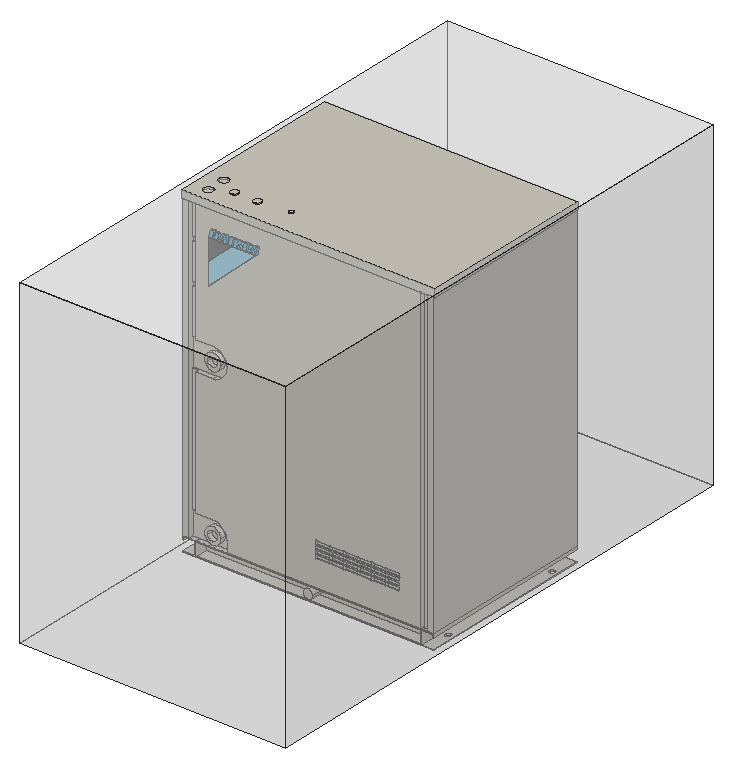
Revit family "outputfile", category 機械設備, Revit 2024
Family settings
  丸型コネクタ寸法 = 半径を使用
  種別 = なし
  パーツ タイプ = 標準
  OmniClass 番号 = 23.75.10.24.21.27.27
  OmniClass タイトル = Split System Air Conditioning Units
  作業面ベース = いいえ
  常に垂直 = はい
  ロード時にボイドで切り取り = いいえ
  注釈の向きを維持 = いいえ
  共有 = いいえ
  部屋計算ポイント = いいえ
Parameters (values of type "RWEYQ12TYM")
  製造元 = "Daikin"
  書き出し IFC クラス(タイプ) = "IfcUnitaryEquipmentType"
  定義済み IFC タイプ(タイプ) = "AIRCONDITIONINGUNIT"
  モデル = "RWEYQ12TYM"
  switch_unit1_6-8 = no
  switch_unit1_12 = yes
  switch_unit1_10 = no
  r_Water Outlet Pipe Connection = Water Outlet Pipe Connection_Unit1 / 2  # 15.9 mm
  r_Water Inlet Pipe Connection = Water Inlet Pipe Connection_Unit1 / 2  # 15.9 mm
  r_HP/LP Gas Pipe Size [instance] = [HP/LP Gas Pipe Size_Unit 1] / 2  # 11.1 mm
  r_Drain Pipe Size = Drain Pipe Size / 2  # 6.35 mm
  lw_Water Outlet = 95.0 mm
  lw_Water Inlet = 95.0 mm
  lw_HP/LP Gas Pipe [instance] = if(Heat Pump, 178.0 mm, 107.0 mm)  # 178.0 mm
  lw_Drain = 390.0 mm
  ld_HP/LP Gas Pipe = 69.0 mm
  h_mountinghole = [h_***] + 2.3 mm  # 2.3 mm
  r_Liquid Pipe Size = Liquid Pipe Size_Unit 1 / 2  # 6.35 mm
  r_Gas Pipe Size = Gas Pipe Size_Unit 1 / 2  # 11.1 mm
  angle_Drain [instance] = if(Rear Connection_Drain, 180.00°, 0.00°)  # 0.00°
  Water Outlet Pipe Connection_Unit1 = 31.8 mm
  Water Inlet Pipe Connection_Unit1 = 31.8 mm
  Voltage_comment_60Hz = "380"
  Voltage_comment_50Hz = "380-415"
  Voltage_60Hz = 380 V
  Voltage_50Hz = 400 V
  Top Connection_powersupply2 [instance] = not(Top Connection_powersupply1)  # no
  Sound Power Level (dB) = 72
  Rear Connection_Drain [instance] = not(Front Connection_Drain)  # no
  Power Input (Heating) = 7.870 kW
  Phase_60Hz = 3
  Phase_50Hz = 3
  Nominal Heating Capacity = 37.500 kW
  Minimum Circuit Amps_60Hz = 13.6 A
  Minimum Circuit Amps_50Hz = 13.6 A
  Maximum Fuse Amps_60Hz = 15.0 A
  Maximum Fuse Amps_50Hz = 15.0 A
  Material_Heat Exchanger = DAIKIN_Blue_HE_outdoorunit
  Material_Casing = DAIKIN_IvoryWhite_Casing_outdoorunit
  lw_powersupply = 51.0 mm
  lw_liquidpipe = 274.0 mm
  lw_gaspipe [instance] = if(Heat Pump, 107.0 mm, 178.0 mm)  # 107.0 mm
  lh_powersupply = 940.0 mm
  ld_powersupply [instance] = if(Top Connection_powersupply1, 38.0 mm, 98.0 mm)  # 38.0 mm
  ld_liquidpipe = 79.0 mm
  ld_gaspipe = 69.0 mm
  h_*** = 0.0 mm
  Width = 780.0 mm
  Version = "ver.1.0"
  Unit Type = ""
  Unit Mass Weight = 147.00 kg
  Unit Designation [instance] = ""
  Uniclass2015Version = "Products v1.30"
  Uniclass2015Title = "Variable refrigerant flow units"
  Uniclass2015Code = "Pr_70_65_03_94"
  Total Cooling Capacity [instance] = 0.000 kW
  Sound Pressure Level (dBA) = 53
  Series = "VRV Heat Recovery"
  Refrigerant_Base Charge = 4.200 kg
  Refrigerant_Additional Charge [instance] = 0.000 kg
  Refrigerant Type = "R410A"
  Power Input (Cooling) = 7.330 kW
  Option Accessory 3 [instance] = ""
  Option Accessory 2 [instance] = ""
  Option Accessory 1 [instance] = ""
  Nominal Cooling Capacity = 33.500 kW
  Load Classification = HVAC
  Liquid Pipe Size_Unit 1 = 12.7 mm
  Link_Nested Family [instance] = ""
  IfcVersion = ""
  IfcExportType = "AIRCONDITIONINGUNIT"
  IfcExportAs = "IfcUnitaryEquipmentType"
  Height = 1000.0 mm
  Heat Recovery [instance] = not(Heat Pump)  # no
  Heat Pump [instance] = yes
  Heat Exchanger Type = "Stainless Steel Plate"
  HP/LP Gas Pipe Size_Unit 1 [instance] = if(and(Heat Pump, [switch_unit1_6-8]), 19.1 mm, if(and(Heat Pump, switch_unit1_10), 22.2 mm, if(and(Heat Pump, switch_unit1_12), 22.2 mm, if(and(Heat Recovery, [switch_unit1_6-8]), 15.9 mm, if(and(Heat Recovery, switch_unit1_10), 19.1 mm, if(and(Heat Recovery, switch_unit1_12), 19.1 mm, 19.1 mm))))))  # 22.2 mm
  Gas Pipe Size_Unit 1 = 22.2 mm
  Top Connection_powersupply1 [instance] = yes
  Front Connection_Drain [instance] = yes
  Frequency_60Hz = 60 Hz
  Frequency_50Hz = 50 Hz
  Drain Pipe Size = 12.7 mm
  Depth = 550.0 mm
  既定の高さ = 0.0 mm
  Cooling Ambient Wet Bulb Temperature [instance] = 0.00 °C
  Cooling Ambient Dry Bulb Temperature [instance] = 0.00 °C
  Compressor Type = "Hermetically Sealed Scroll Type"
  Clearance visibility [instance] = yes
  Clearance Top = 0.0 mm
  Clearance Right = 20.0 mm
  Clearance Rear = 500.0 mm
  Clearance Left = 20.0 mm
  Clearance Front = 600.0 mm
  Clearance Bottom = 0.0 mm
  CU Tag No. [instance] = ""
Reference planes
  plane 1 "Center (Front/Back)": y = 0
  plane 2 "h_***": z = 0
  plane 3 "Center (Left/Right)": x = 0
  plane 4 "Back": y = 275
  plane 5 "Front": y = -275
  plane 6 "Left": x = -390
  plane 7 "Right": x = 390
  plane 8 "Top": z = 1000
  plane 9 "Clearance Rear": y = 775
  plane 10 "Clearance Front": y = -875
  plane 11 "Clearance Left": x = -410
  plane 12 "Clearance Right": x = 410
  plane 13 "Clearance Top": z = 1000
  plane 14 "Clearance Bottom": z = 0
  plane 15 "Bottom": z = 0
  plane 16 "lw_powersupply": x = -339
  plane 17 "ld_powersupply": y = -237
  plane 18 "lw_liquidpipe": x = -116
  plane 19 "Rear Connection_refrigetant": y = -196
  plane 20 "lw_gaspipe": x = -283
  plane 21 "ld_gaspipe": y = -206
  plane 22 "lh_logo": z = 900
  plane 23 "lw_logo": x = 100
  plane 24 "lh_powersupply": z = 940
  plane 25 "lw_HP/LP Gas Pipe": x = -212
  plane 26 "ld_HP/LP Gas Pipe": y = -206
  plane 27 "lw_Water Inlet": x = -295
  plane 28 "lw_Water Outlet": x = -295
  plane 29 "lw_Drain": x = 0
Dimensions and locks
  equal spacing: plane 4 "Back", plane 1 "Center (Front/Back)", plane 5 "Front"
  "Depth": plane 4 "Back" to plane 5 "Front"
  equal spacing: plane 6 "Left", plane 3 "Center (Left/Right)", plane 7 "Right"
  "Width": plane 6 "Left" to plane 7 "Right"
  "Clearance Rear": plane 9 "Clearance Rear" to plane 4 "Back"
  "Clearance Front": plane 10 "Clearance Front" to plane 5 "Front"
  "Clearance Left": plane 11 "Clearance Left" to plane 6 "Left"
  "Clearance Right": plane 7 "Right" to plane 12 "Clearance Right"
  "Clearance Top": plane 13 "Clearance Top" to plane 8 "Top"
  "h_***": plane 15 "Bottom" to plane 2 "h_***"
  "Height": plane 8 "Top" to plane 15 "Bottom"
  "Clearance Bottom": plane 15 "Bottom" to plane 14 "Clearance Bottom"
  "ld_powersupply": plane 17 "ld_powersupply" to plane 5 "Front"
  "ld_liquidpipe": plane 19 "Rear Connection_refrigetant" to plane 5 "Front"
  "ld_gaspipe": plane 21 "ld_gaspipe" to plane 5 "Front"
  locked: plane 23 "lw_logo" to plane 7 "Right" at 290
  locked: plane 22 "lh_logo" to plane 15 "Bottom" at 900
  "lw_gaspipe": plane 6 "Left" to plane 20 "lw_gaspipe"
  "lw_liquidpipe": plane 6 "Left" to plane 18 "lw_liquidpipe"
  "lw_powersupply": plane 6 "Left" to plane 16 "lw_powersupply"
  "lh_powersupply": plane 24 "lh_powersupply" to plane 15 "Bottom"
  "lw_HP/LP Gas Pipe": plane 6 "Left" to plane 25 "lw_HP/LP Gas Pipe"
  "ld_HP/LP Gas Pipe": plane 26 "ld_HP/LP Gas Pipe" to plane 5 "Front"
  "lw_Water Inlet": plane 6 "Left" to plane 27 "lw_Water Inlet"
  "lw_Water Outlet": plane 6 "Left" to plane 28 "lw_Water Outlet"
  "lw_Drain": plane 6 "Left" to plane 29 "lw_Drain"
  aligned and locked: level to plane 2 "h_***"
  aligned and locked: plane 9 "Clearance Rear" to nested 2
  aligned and locked: nested 2 to plane 10 "Clearance Front"
  aligned and locked: plane 11 "Clearance Left" to nested 2
  aligned and locked: plane 12 "Clearance Right" to nested 2
  aligned and locked: plane 13 "Clearance Top" to nested 2
  aligned and locked: plane 14 "Clearance Bottom" to nested 2
  aligned and locked: plane 8 "Top" to nested 1
  aligned and locked: plane 22 "lh_logo" to nested 7
  aligned and locked: nested 8 to plane 16 "lw_powersupply"
  aligned and locked: nested 9 to plane 20 "lw_gaspipe"
  aligned and locked: nested 10 to plane 18 "lw_liquidpipe"
  aligned and locked: nested 10 to plane 19 "Rear Connection_refrigetant"
  aligned and locked: nested 9 to plane 21 "ld_gaspipe"
  aligned and locked: nested 8 to plane 17 "ld_powersupply"
  aligned and locked: plane 5 "Front" to nested 7
  aligned and locked: plane 24 "lh_powersupply" to nested 8
  aligned and locked: plane 1 "Center (Front/Back)" to nested 11
  aligned and locked: plane 27 "lw_Water Inlet" to nested 11
  aligned and locked: plane 1 "Center (Front/Back)" to nested 12
  aligned and locked: plane 28 "lw_Water Outlet" to nested 12
  aligned and locked: plane 1 "Center (Front/Back)" to nested 13
  aligned and locked: plane 29 "lw_Drain" to nested 13
  aligned and locked: plane 25 "lw_HP/LP Gas Pipe" to nested 14
  aligned and locked: nested 14 to plane 26 "ld_HP/LP Gas Pipe"
Nested families
  nested 1: "DAIKIN_outdoorunit_RWEYQ-TYM" at (-31, 0, 0), h_*** <- "h_***", Link_Nest <- "Link_Nested Family", h_mountinghole <- "h_mountinghole", Width <- "Width", type "RWEYQ-TYM"
    with show_fixedhole yes, h_mountinghole 2.3 mm, h_antenna_mountinghole 998.7 mm, h_*** 0.0 mm, array_bolt 5, Width 780.0 mm, Link_Nest "", switch_unit1_6-8 no, switch_unit1_12 yes, Liquid Pipe Size_Unit 1 12.7 mm, Heat Recovery no, Heat Pump yes, HP/LP Pipe Size_Unit 1_L 178.0 mm, HP/LP Pipe Size_Unit 1 22.2 mm, Gas Pipe Size_Unit 1_L 107.0 mm, Gas Pipe Size_Unit 1 22.2 mm
  nested 2: "daikin_clearancespace" at (0, -50, 500.119), visible <- "Clearance visibility", show <- "Clearance visibility", Link_Nested Family <- "Link_Nested Family", type "daikin_clearancespace"
    with width 820.0 mm, show yes, height 1000.0 mm, depth 1650.0 mm, Link_Nested Family ""
  nested 3: "daikin_mountinghole" at (-372, 200, 0), type "daikin_mountinghole"
    with show yes, l_antenna 998.7 mm, h_mountinghole 2.3 mm, Link_Nested Family ""
  nested 4: "daikin_mountinghole" at (372, 200, 0), type "daikin_mountinghole"
    with show yes, l_antenna 998.7 mm, h_mountinghole 2.3 mm, Link_Nested Family ""
  nested 5: "daikin_mountinghole" at (-372, -200, 0), type "daikin_mountinghole"
    with show yes, l_antenna 998.7 mm, h_mountinghole 2.3 mm, Link_Nested Family ""
  nested 6: "daikin_mountinghole" at (372, -200, 0), type "daikin_mountinghole"
    with show yes, l_antenna 998.7 mm, h_mountinghole 2.3 mm, Link_Nested Family ""
  nested 7: "daikin_logo_elevation_w150" at (-212.5, -275, 744.568), type "daikin_logo_elevation_w150"
    with show_logo yes
  nested 8: "daikin_connector_rotate3" at (-339, -237, 940) x (-1, 0, 0) z (0, 0, -1), type "daikin_connector_rotate3"
    with show no, radius 10.0 mm, length 60.0 mm, angle_vertical 0.00°, angle_horizontal 0.00°
  nested 9: "daikin_connector_rotate3" at (-283, -206, 940) x (-1, 0, 0) z (0, 0, -1), radius <- "r_Gas Pipe Size", type "daikin_connector_rotate3"
    with show no, radius 11.1 mm, length 60.0 mm, angle_vertical 0.00°, angle_horizontal 0.00°
  nested 10: "daikin_connector_rotate3" at (-116, -196, 940) x (-1, 0, 0) z (0, 0, -1), radius <- "r_Liquid Pipe Size", type "daikin_connector_rotate3"
    with show no, radius 6.35 mm, length 60.0 mm, angle_vertical 0.00°, angle_horizontal 0.00°
  nested 11: "daikin_connector_rotate3" at (-295, 0, 76), radius <- "r_Water Inlet Pipe Connection", type "daikin_connector_rotate3"
    with show no, radius 15.9 mm, length 275.0 mm, angle_vertical 90.00°, angle_horizontal 0.00°
  nested 12: "daikin_connector_rotate3" at (-295, 0, 556), radius <- "r_Water Outlet Pipe Connection", type "daikin_connector_rotate3"
    with show no, radius 15.9 mm, length 275.0 mm, angle_vertical 90.00°, angle_horizontal 0.00°
  nested 13: "daikin_connector_rotate3" at (0, 0, 19), radius <- "r_Drain Pipe Size", angle_horizontal <- "angle_Drain", type "daikin_connector_rotate3"
    with show no, radius 6.35 mm, length 275.0 mm, angle_vertical 90.00°, angle_horizontal 0.00°
  nested 14: "daikin_connector_rotate3" at (-212, -206, 940) x (1, 0, 0) z (0, 0, -1), radius <- "r_HP/LP Gas Pipe Size", type "daikin_connector_rotate3"
    with show no, radius 11.1 mm, length 60.0 mm, angle_vertical 0.00°, angle_horizontal 0.00°
Connectors
  piping at (-116, -196, 1000), diameter 12.7, driven by "r_Liquid Pipe Size"
    settings: on nested 10, index 12, connector inside diameter 609.6 mm, connector length 0.0 mm, flow factor 0, pipe flow 0.00 m³/h, pressure drop 0.0 Pa, fitting loss kfactor 0, connector angle 0.00°, fixture units 0, engagement length 0.0 mm, angle of deflection 0.00°, flow configuration 0, flow direction 2, fitting loss method 0, system type 29, joint type 0, gender type 0, connector reference index -1, connector utility 0, adjustable connector no, is connector primary no, connector description "Refrigerant Liquid Piping"
  electrical at (-339, -237, 1000), driven by "Load Classification"
    settings: on nested 8, index 13, voltage 0 V, apparent load 0 VA, apparent load phase1 0 VA, apparent load phase2 0 VA, apparent load phase3 0 VA, power factor 1, load classification "HVAC", number of poles 1, system type 30, power factor state 1, is connector primary yes, connector utility no, sub classification motor no, connector description "Power Supply"
  piping at (-295, -275, 76), diameter 31.8, driven by "r_Water Inlet Pipe Connection"
    settings: on nested 11, index 15, connector inside diameter 609.6 mm, connector length 0.0 mm, flow factor 0, pipe flow 0.00 m³/h, pressure drop 0.0 Pa, fitting loss kfactor 0, connector angle 0.00°, fixture units 0, engagement length 0.0 mm, angle of deflection 0.00°, flow configuration 1, flow direction 1, fitting loss method 0, system type 7, joint type 0, gender type 0, connector reference index -1, connector utility 0, adjustable connector no, is connector primary no, connector description "Cooling Water Inlet  Piping"
  piping at (-295, -275, 556), diameter 31.8, driven by "r_Water Outlet Pipe Connection"
    settings: on nested 12, index 16, connector inside diameter 609.6 mm, connector length 0.0 mm, flow factor 0, pipe flow 0.00 m³/h, pressure drop 0.0 Pa, fitting loss kfactor 0, connector angle 0.00°, fixture units 0, engagement length 0.0 mm, angle of deflection 0.00°, flow configuration 1, flow direction 2, fitting loss method 0, system type 8, joint type 0, gender type 0, connector reference index -1, connector utility 0, adjustable connector no, is connector primary no, connector description "Cooling Water Outlet Piping"
  piping at (0, -275, 19), diameter 12.7, driven by "r_Drain Pipe Size"
    settings: on nested 13, index 17, connector inside diameter 609.6 mm, connector length 0.0 mm, flow factor 0, pipe flow 0.00 m³/h, pressure drop 0.0 Pa, fitting loss kfactor 0, connector angle 0.00°, fixture units 0, engagement length 0.0 mm, angle of deflection 0.00°, flow configuration 1, flow direction 2, fitting loss method 4, system type 16, joint type 0, gender type 0, connector reference index -1, connector utility 0, adjustable connector no, is connector primary no, connector description "Condensate Drain Piping"
  piping at (-212, -206, 1000), diameter 22.2, driven by "r_HP/LP Gas Pipe Size"
    settings: on nested 14, index 19, connector inside diameter 609.6 mm, connector length 0.0 mm, flow factor 0, pipe flow 0.00 m³/h, pressure drop 0.0 Pa, fitting loss kfactor 0, connector angle 0.00°, fixture units 0, engagement length 0.0 mm, angle of deflection 0.00°, flow configuration 0, flow direction 0, fitting loss method 0, system type 29, joint type 0, gender type 0, connector reference index -1, connector utility 0, adjustable connector no, is connector primary no, connector description "Refrigerant HP/LP Gas Piping"
  piping at (-283, -206, 1000), diameter 22.2, driven by "r_Gas Pipe Size"
    settings: on nested 9, index 20, connector inside diameter 609.6 mm, connector length 0.0 mm, flow factor 0, pipe flow 0.00 m³/h, pressure drop 0.0 Pa, fitting loss kfactor 0, connector angle 0.00°, fixture units 0, engagement length 0.0 mm, angle of deflection 0.00°, flow configuration 0, flow direction 1, fitting loss method 0, system type 29, joint type 0, gender type 0, connector reference index -1, connector utility 0, adjustable connector no, is connector primary yes, connector description "Refrigerant Gas Piping"
Definition of nested family "DAIKIN_outdoorunit_RWEYQ-TYM"
  Parameters (values of type "RWEYQ-TYM")
    w_wiremesh_right = 668.0 mm  # constant formula
    w_wiremesh_left = 590.0 mm  # constant formula
    w_wiremesh_front = 248.0 mm  # constant formula
    switch_unit1_6-8 = yes
    switch_unit1_12 = no
    switch_unit1_10 = no
    show_fixedhole [instance] = yes
    material_heatexchanger = none
    material_casing = none
    ld_hole1_bottom = 154.0 mm  # constant formula
    h_wiremesh = 900.0 mm  # constant formula
    h_mountinghole [instance] = 2.3 mm
    h_antenna_mountinghole [instance] = Height + 1.0 mm - 2.3 mm  # 998.7 mm
    h_*** [instance] = 0.0 mm
    array_bolt [instance] = 5
    Width [instance] = 780.0 mm
    Liquid Pipe Size_Unit 1 = if([switch_unit1_6-8], 9.5 mm, if(switch_unit1_10, 9.5 mm, if(switch_unit1_12, 12.7 mm, 9.5 mm)))  # 9.5 mm
    Link_Nest [instance] = ""
    Height = 1000.0 mm
    Heat Recovery = not(Heat Pump)  # yes
    Heat Pump = no
    HP/LP Pipe Size_Unit 1_L = if(Heat Pump, 178.0 mm, 107.0 mm)  # 107.0 mm
    HP/LP Pipe Size_Unit 1 = if(Heat Recovery, if([switch_unit1_6-8], 15.9 mm, if(switch_unit1_10, 19.1 mm, if(switch_unit1_12, 19.1 mm, 15.9 mm))), if([switch_unit1_6-8], 19.1 mm, if(switch_unit1_10, 22.2 mm, if(switch_unit1_12, 22.2 mm, 19.1 mm))))  # 15.9 mm
    Gas Pipe Size_Unit 1_L = if(Heat Pump, 107.0 mm, 178.0 mm)  # 178.0 mm
    Gas Pipe Size_Unit 1_H = 60.0 mm  # constant formula
    Gas Pipe Size_Unit 1 = if([switch_unit1_6-8], 19.1 mm, if(switch_unit1_10, 22.2 mm, if(switch_unit1_12, 22.2 mm, 19.1 mm)))  # 19.1 mm
    Depth = 550.0 mm
    Default Elevation = 0.0 mm
  Reference planes
    plane 1 "Center (Front/Back)": y = 0
    plane 2 "reference_level": z = 0
    plane 3 "Center (Left/Right)": x = 31
    plane 4 "Bottom": z = 0
    plane 5: x = 421
    plane 6: x = -359
    plane 7 "Back": y = 275
    plane 8 "Front": y = -275
    plane 9: z = 1000
    plane 10: z = 976
    plane 11: y = -255
    plane 12: y = 255
    plane 13: x = -337
    plane 14: x = 399
    plane 15: x = -341
    plane 16: z = 45
    plane 17: x = 403
    plane 18: y = 200
    plane 19: y = -200
    plane 20: z = 1060
    plane 21: z = 19
    plane 22: z = 1000
    plane 23: z = 940
  Forms (mm)
    Extrusion 1, solid, material <- "material_heatexchanger"
      sketch origin (0, 0, 0) x (1, 0, 0) y (0, 1, 0)
        loop
          line (-337, 255) -> (-337, -255) -> (399, -255) -> (399, 255) -> (-337, 255)
      from 54 to 976
    Extrusion 2, void
      sketch origin (0, 350, 0) x (1, 0, 0) y (0, 1, 0)
        loop
          circle (-341, -150) r 8.5
        loop
          circle (403, -150) r 8.5
        loop
          circle (403, -550) r 8.5
        loop
          circle (-341, -550) r 8.5
      from 0 to 29.064
    Extrusion 3, solid, material <- "material_casing"
      sketch origin (620, -305, 0) x (-1, 0, 0) y (0, 0, 1)
        loop
          line (204.3, 35.061) -> (204.3, 42.7) -> (239.7, 42.7) -> (239.7, 2.3) -> (201, 2.3) -> (201, 0) -> (242, 0) -> (242, 45) -> (201, 45) -> (201, 35.061) -> (204.3, 35.061)
        loop
          line (973.7, 35.061) -> (977, 35.061) -> (977, 45) -> (936, 45) -> (936, 0) -> (977, 0) -> (977, 2.3) -> (938.3, 2.3) -> (938.3, 42.7) -> (973.7, 42.7) -> (973.7, 35.061)
      from 30 to 580
    Extrusion 4, solid, material <- "material_casing"
      sketch origin (31, 0, 0) x (0, 1, 0) y (0, 0, 1)
        loop
          line (-275, 45) -> (-275, 42.7) -> (-236.3, 42.7) -> (-236.3, 2.3) -> (-275, 2.3) -> (-275, 0) -> (-234, 0) -> (-234, 45) -> (-275, 45)
        loop
          line (275, 45) -> (234, 45) -> (234, 0) -> (275, 0) -> (275, 2.3) -> (236.3, 2.3) -> (236.3, 42.7) -> (275, 42.7) -> (275, 45)
      from -347 to 347
    Extrusion 5, solid, material <- "material_casing"
      sketch origin (0, 0, 0) x (1, 0, 0) y (0, 1, 0)
        loop
          circle (-85, -196) r 4.75
        loop
          circle (-252, -206) r 7.95
      from 940 to 1000
    Extrusion 6, solid, material <- "material_casing"
      sketch origin (-663.497, -190, 1200) x (-1, 0, 0) y (0, 0, 1)
        loop
          circle (-694.497, -1181) r 14
      from -85 to -46.3
    Extrusion 7, solid, material <- "material_casing"
      sketch origin (-663.497, 230, 1200) x (-1, 0, 0) y (0, 0, 1)
        loop
          circle (-694.497, -1181) r 14
      from 6.3 to 45
    Extrusion 8, solid, material <- "material_casing"
      sketch origin (0, -500, 0) x (1, 0, 0) y (0, 1, 0)
        loop
          circle (-181, 294) r 9.55
      from 940 to 1000
  Cuts and joins
    Extrusion 2 cuts Extrusion 3
  Dimensions and locks
    equal spacing: plane 6, plane 3 "Center (Left/Right)", plane 5
    "Width": plane 6 to plane 5
    locked: plane 9 to plane 10 at 24
    "Depth": plane 8 "Front" to plane 7 "Back"
    equal spacing: plane 7 "Back", plane 1 "Center (Front/Back)", plane 8 "Front"
    locked: plane 12 to plane 7 "Back" at 20
    locked: plane 11 to plane 8 "Front" at 20
    locked: plane 6 to plane 13 at 22
    locked: plane 14 to plane 5 at 22
    locked: plane 6 to plane 15 at 18
    "h_***": plane 4 "Bottom" to plane 2 "reference_level"
    locked: plane 16 to plane 4 "Bottom" at 45
    "Height": plane 9 to plane 4 "Bottom"
    locked: plane 5 to Extrusion 3 sketch curve at 2  (x2)
    locked: Extrusion 3 sketch curve to Extrusion 3 sketch curve at 41  (x2)
    locked: Extrusion 3 sketch curve to Extrusion 3 sketch curve at 3.3  (x2)
    locked: Extrusion 3 sketch curve to plane 6 at 2  (x2)
    locked: plane 8 "Front" to Extrusion 4 sketch curve at 41
    locked: Extrusion 4 sketch curve to plane 7 "Back" at 41
    locked: plane 17 to plane 5 at 18
    plane 19 to plane 8 "Front" = 75.0 mm
    locked: plane 18 to plane 7 "Back" at 75
    locked: Extrusion 5 sketch curve to plane 8 "Front" at 79
    locked: plane 6 to Extrusion 5 sketch curve at 274
    "HP/LP Pipe Size_Unit 1_L": plane 6 to Extrusion 5 sketch curve
    locked: Extrusion 5 sketch curve to plane 8 "Front" at 69
    locked: plane 20 to plane 9 at 60
    locked: plane 21 to plane 4 "Bottom" at 19
    locked: plane 8 "Front" to Extrusion 8 sketch curve at 69
    "Gas Pipe Size_Unit 1_L": plane 6 to Extrusion 8 sketch curve
    "Gas Pipe Size_Unit 1_H": plane 20 to plane 22
    locked: plane 22 to plane 23 at 60
    "HP/LP Pipe Size_Unit 1": diameter of Extrusion 5 sketch curve
    "Liquid Pipe Size_Unit 1": diameter of Extrusion 5 sketch curve
    "Gas Pipe Size_Unit 1": diameter of Extrusion 8 sketch curve
    aligned and locked: level to plane 2 "reference_level"
    aligned and locked: plane 12 to Extrusion 1 sketch curve
    aligned and locked: plane 11 to Extrusion 1 sketch curve
    aligned and locked: plane 13 to Extrusion 1 sketch curve
    aligned and locked: plane 14 to Extrusion 1 sketch curve
    aligned and locked: plane 10 to Extrusion 1
    aligned and locked: plane 11 to nested 1
    aligned and locked: plane 10 to nested 4
    aligned and locked: nested 5 to plane 9
    aligned and locked: plane 10 to nested 3
    aligned and locked: plane 10 to nested 2
    aligned and locked: plane 13 to nested 4
    aligned and locked: plane 14 to nested 2
    aligned and locked: plane 12 to nested 3
    aligned and locked: plane 15 to nested 7
    aligned and locked: plane 15 to nested 9
    aligned and locked: plane 8 "Front" to nested 5
    aligned and locked: plane 6 to nested 5
    aligned and locked: plane 10 to nested 1
    aligned and locked: plane 13 to nested 1
    aligned and locked: nested 2 to plane 1 "Center (Front/Back)"
    aligned and locked: nested 3 to plane 3 "Center (Left/Right)"
    aligned and locked: plane 1 "Center (Front/Back)" to nested 4
    aligned and locked: nested 6 to plane 3 "Center (Left/Right)"
    aligned and locked: plane 1 "Center (Front/Back)" to nested 6
    aligned and locked: plane 16 to Extrusion 3 sketch curve
    aligned and locked: Extrusion 3 sketch curve to plane 4 "Bottom"
    aligned and locked: Extrusion 3 sketch curve to plane 16
    aligned and locked: plane 4 "Bottom" to Extrusion 3 sketch curve
    aligned and locked: Extrusion 3 to plane 7 "Back"
    aligned and locked: Extrusion 3 to plane 8 "Front"
    aligned and locked: plane 8 "Front" to Extrusion 4 sketch curve  (x2)
    aligned and locked: plane 4 "Bottom" to Extrusion 4 sketch curve
    aligned and locked: Extrusion 4 sketch curve to plane 16
    aligned and locked: Extrusion 4 sketch curve to plane 7 "Back"  (x2)
    aligned and locked: plane 18 to Extrusion 2 sketch curve  (x2)
    aligned and locked: plane 15 to Extrusion 2 sketch curve  (x2)
    aligned and locked: plane 17 to Extrusion 2 sketch curve  (x2)
    aligned and locked: plane 17 to nested 8
    aligned and locked: plane 18 to nested 8
    aligned and locked: plane 18 to nested 7
    aligned and locked: nested 7 to plane 15
    aligned and locked: nested 9 to plane 19
    aligned and locked: nested 9 to plane 15
    aligned and locked: nested 10 to plane 19
    aligned and locked: plane 17 to nested 10
    aligned and locked: plane 19 to Extrusion 2 sketch curve  (x2)
    aligned and locked: plane 3 "Center (Left/Right)" to Extrusion 6 sketch curve
    aligned and locked: plane 21 to Extrusion 6 sketch curve
    aligned and locked: plane 22 to Extrusion 8
    aligned and locked: Extrusion 8 to plane 23
    aligned and locked: Extrusion 5 to plane 23
    aligned and locked: Extrusion 5 to plane 22
  Automatic sketch dimensions
    Extrusion 3 sketch curve to Extrusion 3 sketch curve = 2.3 mm  (x2)
    level to Extrusion 3 sketch curve = 2.3 mm  (x2)
    Extrusion 3 sketch curve to plane 16 = 9.939 mm  (x2)
    Extrusion 3 sketch curve to plane 16 = 2.3 mm  (x2)
    Extrusion 4 sketch curve to level = 0.0 mm
    Extrusion 4 sketch curve to plane 16 = 0.0 mm
    Extrusion 4 sketch curve to Extrusion 4 sketch curve = 2.3 mm  (x2)
    level to Extrusion 4 sketch curve = 2.3 mm  (x2)
    Extrusion 4 sketch curve to plane 16 = 2.3 mm  (x2)
    Extrusion 7 sketch curve to plane 3 "Center (Left/Right)" = 0.0 mm
    Extrusion 7 sketch curve to plane 21 = 0.0 mm
    radius of Extrusion 2 sketch curve = 8.5 mm  (x4)
    radius of Extrusion 6 sketch curve = 14.0 mm
    radius of Extrusion 7 sketch curve = 14.0 mm
  Nested families
    nested 1: "outdoorunit_frontpanel" at (-337, -265, 45), material <- "material_casing", type "frontpanel1"
      with material none
    nested 2: "outdoorunit_rightpanel1" at (409, -275, 45) x (0, 1, 0) z (0, 0, 1), material <- "material_casing", type "frontpanel1"
      with material none
    nested 3: "outdoorunit_backpanel" at (399, 265, 45) x (-1, 0, 0) z (0, 0, 1), material <- "material_casing", type "frontpanel1"
      with material none
    nested 4: "outdoorunit_leftpanel" at (-347, 275, 45) x (0, -1, 0) z (0, 0, 1), material <- "material_casing", type "frontpanel1"
      with material none
    nested 5: "outdoorunit_uppanel" at (-359, -275, 988) x (1, 0, 0) z (0, 1, 0), material <- "material_casing", type "frontpanel1"
      with material none
    nested 6: "outdoorunit_downpanel" at (399, 255, 56) x (-1, 0, 0) z (0, -1, 0), material <- "material_casing", type "frontpanel1"
      with material none
    nested 7: "daikin_mountinghole" at (-341, 200, 0), visible <- "show_fixedhole", Link_Nested Family <- "Link_Nest", l_antenna <- "h_antenna_mountinghole", h_mountinghole <- "h_mountinghole", type "daikin_mountinghole"
      with show yes, l_antenna 998.7 mm, h_mountinghole 2.3 mm, Link_Nested Family ""
    nested 8: "daikin_mountinghole" at (403, 200, 0), visible <- "show_fixedhole", Link_Nested Family <- "Link_Nest", l_antenna <- "h_antenna_mountinghole", h_mountinghole <- "h_mountinghole", type "daikin_mountinghole"
      with show yes, l_antenna 998.7 mm, h_mountinghole 2.3 mm, Link_Nested Family ""
    nested 9: "daikin_mountinghole" at (-341, -200, 0), visible <- "show_fixedhole", Link_Nested Family <- "Link_Nest", l_antenna <- "h_antenna_mountinghole", h_mountinghole <- "h_mountinghole", type "daikin_mountinghole"
      with show yes, l_antenna 998.7 mm, h_mountinghole 2.3 mm, Link_Nested Family ""
    nested 10: "daikin_mountinghole" at (403, -200, 0), visible <- "show_fixedhole", Link_Nested Family <- "Link_Nest", l_antenna <- "h_antenna_mountinghole", h_mountinghole <- "h_mountinghole", type "daikin_mountinghole"
      with show yes, l_antenna 998.7 mm, h_mountinghole 2.3 mm, Link_Nested Family ""
  Definition of nested family "outdoorunit_frontpanel"
    Parameters (values of type "frontpanel1")
      width = 736.0 mm
      material [instance] = none
      height1 = 931.0 mm
      depth = 20.0 mm
      Default Elevation = 0.0 mm
    Reference planes
      plane 1 "Center (Front/Back)": y = 0
      plane 2 "Bottom": z = 0
      plane 3: x = 0
      plane 4 "Back": y = 10
      plane 5 "Front": y = -10
      plane 6: x = 736
      plane 7 "Top": z = 931
      plane 8 "Left": x = 0
      plane 9 "Center L/S": y = 5
      plane 10 "Center L/T": y = -5
    Forms (mm)
      Extrusion 1, solid, material <- "material"
        sketch origin (0, 0, 0) x (1, 0, 0) y (0, 1, 0)
          loop
            line (0, 10) -> (0, -10) -> (736, -10) -> (736, 10) -> (0, 10)
        from 0 to 931
      Extrusion 2, void
        sketch origin (0, 0, 0) x (1, 0, 0) y (0, 0, 1)
          loop
            line (0, 931) -> (0, 0) -> (21, 0) -> (21, 931) -> (0, 931)
          loop
            line (736, 931) -> (715, 931) -> (715, 0) -> (736, 0) -> (736, 931)
        from 0 to 250
      Extrusion 3, void
        sketch origin (0, 0, 0) x (1, 0, 0) y (0, 0, 1)
          loop
            line (2, 931) -> (-33, 931) -> (-33, -14) -> (118, -14) -> (118, 31)
            arc (118, 31) -> (104.82, 62.82) -> (73, 76) r 45
            line (73, 76) -> (2, 76) -> (2, 466) -> (73, 466)
            arc (73, 466) -> (118, 511) -> (73, 556) r 45
            line (73, 556) -> (2, 556) -> (2, 692) -> (10.5, 692)
            arc (10.5, 692) -> (18, 699.5) -> (10.5, 707) r 7.5
            line (10.5, 707) -> (2, 707) -> (2, 817) -> (10.5, 817)
            arc (10.5, 817) -> (18, 824.5) -> (10.5, 832) r 7.5
            line (10.5, 832) -> (2, 832) -> (2, 931)
        from -5 to 250
      Extrusion 4, void
        sketch origin (0, 0, 0) x (1, 0, 0) y (0, 0, 1)
          loop
            line (734, 931) -> (734, 0) -> (972.161, 0) -> (972.161, 931) -> (734, 931)
        from -5 to 250
      Extrusion 5, solid, material <- "material"
        sketch origin (0, 0, 0) x (1, 0, 0) y (0, 0, 1)
          loop
            circle (73, 511) r 25
          loop
            circle (73, 511) r 15.5
          loop
            circle (73, 31) r 25
          loop
            circle (73, 31) r 15.5
        from -5 to 10
      Extrusion 6, void
        sketch origin (0, 0, 0) x (1, 0, 0) y (0, 0, 1)
          loop
            line (390.8, 131) -> (390.8, 118.75) -> (433.5, 118.75) -> (433.5, 131) -> (390.8, 131)
          loop
            line (390.8, 80) -> (433.5, 80) -> (433.5, 92.25) -> (390.8, 92.25) -> (390.8, 80)
          loop
            line (390.8, 117.75) -> (390.8, 106) -> (433.5, 106) -> (433.5, 117.75) -> (390.8, 117.75)
          loop
            line (390.8, 105) -> (390.8, 93.25) -> (433.5, 93.25) -> (433.5, 105) -> (390.8, 105)
          loop
            line (476.7, 131) -> (434.5, 131) -> (434.5, 118.75) -> (476.7, 118.75) -> (476.7, 131)
          loop
            line (434.5, 80) -> (476.7, 80) -> (476.7, 92.25) -> (434.5, 92.25) -> (434.5, 80)
          loop
            line (434.5, 117.75) -> (434.5, 106) -> (476.7, 106) -> (476.7, 117.75) -> (434.5, 117.75)
          loop
            line (434.5, 105) -> (434.5, 93.25) -> (476.7, 93.25) -> (476.7, 105) -> (434.5, 105)
          loop
            line (519.9, 131) -> (477.7, 131) -> (477.7, 118.75) -> (519.9, 118.75) -> (519.9, 131)
          loop
            line (477.7, 80) -> (519.9, 80) -> (519.9, 92.25) -> (477.7, 92.25) -> (477.7, 80)
          loop
            line (477.7, 117.75) -> (477.7, 106) -> (519.9, 106) -> (519.9, 117.75) -> (477.7, 117.75)
          loop
            line (477.7, 105) -> (477.7, 93.25) -> (519.9, 93.25) -> (519.9, 105) -> (477.7, 105)
          loop
            line (563.1, 131) -> (520.9, 131) -> (520.9, 118.75) -> (563.1, 118.75) -> (563.1, 131)
          loop
            line (520.9, 80) -> (563.1, 80) -> (563.1, 92.25) -> (520.9, 92.25) -> (520.9, 80)
          loop
            line (520.9, 117.75) -> (520.9, 106) -> (563.1, 106) -> (563.1, 117.75) -> (520.9, 117.75)
          loop
            line (520.9, 105) -> (520.9, 93.25) -> (563.1, 93.25) -> (563.1, 105) -> (520.9, 105)
          loop
            line (606.3, 131) -> (564.1, 131) -> (564.1, 118.75) -> (606.3, 118.75) -> (606.3, 131)
          loop
            line (564.1, 80) -> (606.3, 80) -> (606.3, 92.25) -> (564.1, 92.25) -> (564.1, 80)
          loop
            line (564.1, 117.75) -> (564.1, 106) -> (606.3, 106) -> (606.3, 117.75) -> (564.1, 117.75)
          loop
            line (564.1, 105) -> (564.1, 93.25) -> (606.3, 93.25) -> (606.3, 105) -> (564.1, 105)
          loop
            line (650, 131) -> (607.3, 131) -> (607.3, 118.75) -> (650, 118.75) -> (650, 131)
          loop
            line (607.3, 80) -> (650, 80) -> (650, 92.25) -> (607.3, 92.25) -> (607.3, 80)
          loop
            line (607.3, 117.75) -> (607.3, 106) -> (650, 106) -> (650, 117.75) -> (607.3, 117.75)
          loop
            line (607.3, 105) -> (607.3, 93.25) -> (650, 93.25) -> (650, 105) -> (607.3, 105)
        from 5 to 250
    Cuts and joins
      Extrusion 2, Extrusion 3, Extrusion 4, Extrusion 6 cuts Extrusion 1
    Dimensions and locks
      equal spacing: plane 4 "Back", plane 1 "Center (Front/Back)", plane 5 "Front"
      "depth": plane 4 "Back" to plane 5 "Front"
      "width": plane 8 "Left" to plane 6
      "height1": plane 7 "Top" to plane 2 "Bottom"
      locked: plane 8 "Left" to Extrusion 2 sketch curve at 21
      locked: Extrusion 2 sketch curve to plane 6 at 21
      locked: plane 9 "Center L/S" to plane 1 "Center (Front/Back)" at 5
      locked: Extrusion 3 sketch curve to Extrusion 3 sketch curve at 15  (x2)
      locked: plane 7 "Top" to Extrusion 3 sketch curve at 99
      locked: Extrusion 3 sketch curve to plane 8 "Left" at 10.5
      locked: Extrusion 3 sketch curve to Extrusion 3 sketch curve at 125
      locked: Extrusion 3 sketch curve to Extrusion 3 sketch curve at 90  (x2)
      locked: Extrusion 3 sketch curve to plane 8 "Left" at 73
      locked: Extrusion 3 sketch curve to Extrusion 3 sketch curve at 136
      locked: Extrusion 3 sketch curve to plane 2 "Bottom" at 76
      locked: Extrusion 3 sketch curve to Extrusion 3 sketch curve at 390
      locked: plane 6 to Extrusion 4 sketch curve at 2
      locked: plane 10 "Center L/T" to plane 1 "Center (Front/Back)" at 5
      aligned and locked: level to plane 2 "Bottom"
      aligned and locked: plane 8 "Left" to Extrusion 1 sketch curve
      aligned and locked: Extrusion 1 sketch curve to plane 4 "Back"
      aligned and locked: plane 5 "Front" to Extrusion 1 sketch curve
      aligned and locked: Extrusion 1 to plane 2 "Bottom"
      aligned and locked: plane 7 "Top" to Extrusion 1
      aligned and locked: plane 3 to plane 8 "Left"
      aligned and locked: plane 8 "Left" to Extrusion 2 sketch curve
      aligned and locked: Extrusion 2 sketch curve to plane 7 "Top"
      aligned and locked: plane 2 "Bottom" to Extrusion 2 sketch curve
      aligned and locked: Extrusion 2 sketch curve to plane 2 "Bottom"
      aligned and locked: plane 6 to Extrusion 2 sketch curve
      aligned and locked: plane 7 "Top" to Extrusion 2 sketch curve
      aligned and locked: Extrusion 2 to plane 1 "Center (Front/Back)"
      aligned and locked: plane 9 "Center L/S" to Extrusion 3
      aligned and locked: Extrusion 4 sketch curve to plane 7 "Top"
      aligned and locked: plane 2 "Bottom" to Extrusion 4 sketch curve
      aligned and locked: Extrusion 4 to plane 9 "Center L/S"
      aligned and locked: Extrusion 5 to plane 5 "Front"
      aligned and locked: plane 9 "Center L/S" to Extrusion 5
      aligned and locked: Extrusion 6 to plane 10 "Center L/T"
    Automatic sketch dimensions
      Extrusion 1 sketch curve to plane 6 = 0.0 mm
      Extrusion 3 sketch curve to plane 7 "Top" = 0.0 mm
      plane 3 to Extrusion 3 sketch curve = 2.0 mm  (x4)
      plane 3 to Extrusion 3 sketch curve = 10.5 mm
      Extrusion 3 sketch curve to Extrusion 3 sketch curve = 71.0 mm
      level to Extrusion 3 sketch curve = 31.0 mm
      Extrusion 3 sketch curve to plane 3 = 33.0 mm
      plane 6 to Extrusion 4 sketch curve = 236.161 mm
      Extrusion 5 sketch curve to Extrusion 5 sketch curve = 0.0 mm  (x4)
      plane 3 to Extrusion 5 sketch curve = 73.0 mm  (x2)
      level to Extrusion 5 sketch curve = 31.0 mm
      Extrusion 5 sketch curve to plane 7 "Top" = 420.0 mm
      level to Extrusion 6 sketch curve = 131.0 mm
      Extrusion 6 sketch curve to plane 6 = 345.2 mm
      Extrusion 6 sketch curve to Extrusion 6 sketch curve = 0.0 mm  (x40)
      Extrusion 6 sketch curve to Extrusion 6 sketch curve = 42.7 mm  (x2)
      Extrusion 6 sketch curve to Extrusion 6 sketch curve = 1.0 mm  (x32)
      Extrusion 6 sketch curve to Extrusion 6 sketch curve = 42.2 mm  (x4)
      Extrusion 6 sketch curve to Extrusion 6 sketch curve = 12.25 mm  (x7)
      Extrusion 6 sketch curve to Extrusion 6 sketch curve = 11.75 mm  (x9)
      radius of Extrusion 5 sketch curve = 25.0 mm  (x2)
      radius of Extrusion 5 sketch curve = 15.5 mm  (x2)
  Definition of nested family "outdoorunit_rightpanel1"
    Parameters (values of type "frontpanel1")
      width = 550.0 mm
      material [instance] = none
      height1 = 931.0 mm
      depth = 20.0 mm
      Default Elevation = 0.0 mm
    Reference planes
      plane 1 "Center (Front/Back)": y = 0
      plane 2 "Bottom": z = 0
      plane 3: x = 0
      plane 4 "Back": y = 10
      plane 5 "Front": y = -10
      plane 6: x = 550
      plane 7 "Top": z = 931
      plane 8 "Left": x = 0
      plane 9: y = -8.75
      plane 10: z = 639
      plane 11: y = -5.75
      plane 12: y = -2.551
      plane 13: y = -13
      plane 14: x = 275
    Forms (mm)
      Extrusion 1, solid, material <- "material"
        sketch origin (0, 0, 0) x (1, 0, 0) y (0, 1, 0)
          loop
            line (0, 10) -> (0, -10) -> (550, -10) -> (550, 10) -> (0, 10)
        from 0 to 931
    Dimensions and locks
      equal spacing: plane 4 "Back", plane 1 "Center (Front/Back)", plane 5 "Front"
      "depth": plane 4 "Back" to plane 5 "Front"
      "width": plane 8 "Left" to plane 6
      "height1": plane 7 "Top" to plane 2 "Bottom"
      locked: plane 10 to plane 2 "Bottom" at 639
      locked: plane 12 to plane 11 at 3.199
      plane 5 "Front" to plane 13 = 3.0 mm
      equal spacing: plane 8 "Left", plane 14, plane 6
      aligned and locked: level to plane 2 "Bottom"
      aligned and locked: plane 8 "Left" to Extrusion 1 sketch curve
      aligned and locked: Extrusion 1 sketch curve to plane 4 "Back"
      aligned and locked: plane 5 "Front" to Extrusion 1 sketch curve
      aligned and locked: Extrusion 1 to plane 2 "Bottom"
      aligned and locked: plane 7 "Top" to Extrusion 1
      aligned and locked: plane 3 to plane 8 "Left"
    Automatic sketch dimensions
      Extrusion 1 sketch curve to plane 6 = 0.0 mm
  Definition of nested family "outdoorunit_backpanel"
    Parameters (values of type "frontpanel1")
      width = 736.0 mm
      material [instance] = none
      height1 = 931.0 mm
      depth = 20.0 mm
      Default Elevation = 0.0 mm
    Reference planes
      plane 1 "Center (Front/Back)": y = 0
      plane 2 "Bottom": z = 0
      plane 3: x = 0
      plane 4 "Back": y = 10
      plane 5 "Front": y = -10
      plane 6: x = 736
      plane 7 "Top": z = 931
      plane 8 "Left": x = 0
      plane 9: z = 639
      plane 10: x = 368
    Forms (mm)
      Extrusion 1, solid, material <- "material"
        sketch origin (0, 0, 0) x (1, 0, 0) y (0, 1, 0)
          loop
            line (0, 10) -> (0, -10) -> (736, -10) -> (736, 10) -> (0, 10)
        from 0 to 931
      Extrusion 2, void
        sketch origin (0, 0, 0) x (1, 0, 0) y (0, 1, 0)
          loop
            line (0, -4) -> (0, -10) -> (21, -10) -> (21, -7) -> (2, -7) -> (2, -4) -> (0, -4)
          loop
            line (736, -4) -> (734, -4) -> (734, -7) -> (715, -7) -> (715, -10) -> (736, -10) -> (736, -4)
        from 0 to 931
    Cuts and joins
      Extrusion 2 cuts Extrusion 1
    Dimensions and locks
      equal spacing: plane 4 "Back", plane 1 "Center (Front/Back)", plane 5 "Front"
      "depth": plane 4 "Back" to plane 5 "Front"
      "width": plane 8 "Left" to plane 6
      "height1": plane 7 "Top" to plane 2 "Bottom"
      locked: plane 9 to plane 2 "Bottom" at 639
      equal spacing: plane 8 "Left", plane 10, plane 6
      aligned and locked: level to plane 2 "Bottom"
      aligned and locked: plane 8 "Left" to Extrusion 1 sketch curve
      aligned and locked: Extrusion 1 sketch curve to plane 4 "Back"
      aligned and locked: plane 5 "Front" to Extrusion 1 sketch curve
      aligned and locked: Extrusion 1 to plane 2 "Bottom"
      aligned and locked: plane 7 "Top" to Extrusion 1
      aligned and locked: plane 3 to plane 8 "Left"
    Automatic sketch dimensions
      Extrusion 1 sketch curve to plane 6 = 0.0 mm
      Extrusion 2 sketch curve to plane 3 = 0.0 mm
      Extrusion 2 sketch curve to plane 5 "Front" = 0.0 mm  (x2)
      Extrusion 2 sketch curve to plane 6 = 0.0 mm
      plane 3 to Extrusion 2 sketch curve = 2.0 mm
      Extrusion 2 sketch curve to Extrusion 2 sketch curve = 19.0 mm
      Extrusion 2 sketch curve to Extrusion 2 sketch curve = 21.0 mm
      Extrusion 2 sketch curve to plane 6 = 2.0 mm
      Extrusion 2 sketch curve to Extrusion 2 sketch curve = 3.0 mm  (x4)
  Definition of nested family "outdoorunit_leftpanel"
    Parameters (values of type "frontpanel1")
      width = 550.0 mm
      material [instance] = none
      height1 = 931.0 mm
      depth = 20.0 mm
      Default Elevation = 0.0 mm
    Reference planes
      plane 1 "Center (Front/Back)": y = 0
      plane 2 "Bottom": z = 0
      plane 3: x = 0
      plane 4 "Back": y = 10
      plane 5 "Front": y = -10
      plane 6: x = 550
      plane 7 "Top": z = 931
      plane 8 "Left": x = 0
      plane 9: y = -8.75
      plane 10: z = 639
      plane 11: y = -5.75
      plane 12: y = -2.551
      plane 13: y = -13
      plane 14: x = 275
    Forms (mm)
      Extrusion 1, solid, material <- "material"
        sketch origin (0, 0, 0) x (1, 0, 0) y (0, 1, 0)
          loop
            line (0, 10) -> (0, -10) -> (550, -10) -> (550, 10) -> (0, 10)
        from 0 to 931
    Dimensions and locks
      equal spacing: plane 4 "Back", plane 1 "Center (Front/Back)", plane 5 "Front"
      "depth": plane 4 "Back" to plane 5 "Front"
      "width": plane 8 "Left" to plane 6
      "height1": plane 7 "Top" to plane 2 "Bottom"
      locked: plane 10 to plane 2 "Bottom" at 639
      locked: plane 12 to plane 11 at 3.199
      plane 5 "Front" to plane 13 = 3.0 mm
      equal spacing: plane 8 "Left", plane 14, plane 6
      aligned and locked: level to plane 2 "Bottom"
      aligned and locked: plane 8 "Left" to Extrusion 1 sketch curve
      aligned and locked: Extrusion 1 sketch curve to plane 4 "Back"
      aligned and locked: plane 5 "Front" to Extrusion 1 sketch curve
      aligned and locked: Extrusion 1 to plane 2 "Bottom"
      aligned and locked: plane 7 "Top" to Extrusion 1
      aligned and locked: plane 3 to plane 8 "Left"
    Automatic sketch dimensions
      Extrusion 1 sketch curve to plane 6 = 0.0 mm
  Definition of nested family "outdoorunit_uppanel"
    Parameters (values of type "frontpanel1")
      width = 780.0 mm
      material [instance] = none
      height1 = 550.0 mm
      depth = 24.0 mm
      Default Elevation = 0.0 mm
    Reference planes
      plane 1 "Center (Front/Back)": y = 0
      plane 2 "Bottom": z = 0
      plane 3: x = 0
      plane 4 "Back": y = 12
      plane 5 "Front": y = -12
      plane 6: x = 780
      plane 7 "Top": z = 550
      plane 8 "Left": x = 0
      plane 9: y = -8.75
      plane 10: z = 639
      plane 11: y = -5.75
      plane 12: y = -2.551
    Forms (mm)
      Extrusion 1, solid, material <- "material"
        sketch origin (0, 0, 0) x (1, 0, 0) y (0, 1, 0)
          loop
            line (0, 12) -> (0, -12) -> (780, -12) -> (780, 12) -> (0, 12)
        from 0 to 550
      Extrusion 2, void
        sketch origin (0, 0, 0) x (1, 0, 0) y (0, 0, 1)
          loop
            circle (51, 38) r 14.5
          loop
            circle (51, 98) r 14.5
        from 9 to 12
    Cuts and joins
      Extrusion 2 cuts Extrusion 1
    Dimensions and locks
      equal spacing: plane 4 "Back", plane 1 "Center (Front/Back)", plane 5 "Front"
      "depth": plane 4 "Back" to plane 5 "Front"
      "width": plane 8 "Left" to plane 6
      "height1": plane 7 "Top" to plane 2 "Bottom"
      locked: plane 10 to plane 2 "Bottom" at 639
      locked: Extrusion 2 sketch curve to plane 8 "Left" at 51  (x2)
      locked: Extrusion 2 sketch curve to level at 38
      locked: Extrusion 2 sketch curve to Extrusion 2 sketch curve at 60
      aligned and locked: level to plane 2 "Bottom"
      aligned and locked: plane 8 "Left" to Extrusion 1 sketch curve
      aligned and locked: Extrusion 1 sketch curve to plane 4 "Back"
      aligned and locked: Extrusion 1 sketch curve to plane 5 "Front"
      aligned and locked: Extrusion 1 to plane 2 "Bottom"
      aligned and locked: plane 7 "Top" to Extrusion 1
      aligned and locked: plane 3 to plane 8 "Left"
    Automatic sketch dimensions
      Extrusion 1 sketch curve to plane 6 = 0.0 mm
      radius of Extrusion 2 sketch curve = 14.5 mm  (x2)
  Definition of nested family "outdoorunit_downpanel"
    Parameters (values of type "frontpanel1")
      width = 736.0 mm
      material [instance] = none
      height1 = 510.0 mm
      depth = 20.0 mm
      Default Elevation = 0.0 mm
    Reference planes
      plane 1 "Center (Front/Back)": y = 0
      plane 2 "Bottom": z = 0
      plane 3: x = 0
      plane 4 "Back": y = 10
      plane 5 "Front": y = -10
      plane 6: x = 736
      plane 7 "Top": z = 510
      plane 8 "Left": x = 0
      plane 9: z = 255
      plane 10: y = -18
      plane 11: y = 6
      plane 12: y = 8
      plane 13: x = 368
    Forms (mm)
      Extrusion 1, solid, material <- "material"
        sketch origin (0, 0, 0) x (1, 0, 0) y (0, 1, 0)
          loop
            line (0, 10) -> (0, -10) -> (736, -10) -> (736, 10) -> (0, 10)
        from 0 to 510
    Dimensions and locks
      equal spacing: plane 4 "Back", plane 1 "Center (Front/Back)", plane 5 "Front"
      "depth": plane 4 "Back" to plane 5 "Front"
      "width": plane 8 "Left" to plane 6
      "height1": plane 7 "Top" to plane 2 "Bottom"
      plane 4 "Back" to plane 11 = 4.0 mm
      plane 4 "Back" to plane 12 = 2.0 mm
      equal spacing: plane 8 "Left", plane 13, plane 6
      equal spacing: plane 7 "Top", plane 9, plane 2 "Bottom"
      aligned and locked: level to plane 2 "Bottom"
      aligned and locked: plane 8 "Left" to Extrusion 1 sketch curve
      aligned and locked: Extrusion 1 sketch curve to plane 4 "Back"
      aligned and locked: plane 5 "Front" to Extrusion 1 sketch curve
      aligned and locked: Extrusion 1 to plane 2 "Bottom"
      aligned and locked: plane 7 "Top" to Extrusion 1
      aligned and locked: plane 3 to plane 8 "Left"
    Automatic sketch dimensions
      Extrusion 1 sketch curve to plane 6 = 0.0 mm
  Definition of nested family "daikin_mountinghole"
    Parameters (values of type "daikin_mountinghole")
      Default Elevation = 1219.2 mm
      Type Comments = "mountinghole"
      show [instance] = yes
      material = none
      l_centerline = 100.0 mm
      l_antenna [instance] = 100.0 mm
      h_mountinghole [instance] = 0.0 mm
      d_circle = 30.0 mm
      Link_Nested Family [instance] = ""
    Reference planes
      plane 1 "Center (Front/Back)": y = 0
      plane 2: z = 0
      plane 3 "Center (Left/Right)": x = 0
      plane 4: y = 50
      plane 5: x = -50
      plane 6: x = 50
      plane 7: y = -50
      plane 8 "h_mountinghole": z = 0
      plane 9: z = 100
    Lines and regions (mm)
      model lines, detail levels fine
        curve 1: circle (0, 0, 0) r 15 normal (0, 0, 1)
        curve 2: line (-50, 0, 0) -> (50, 0, 0)
        curve 3: line (0, 50, 0) -> (0, -50, 0)
      symbolic lines, detail levels fine
        curve 4: circle (0, 0, 0) r 15 normal (0, 0, 1)
        curve 5: line (-50, 0, 0) -> (50, 0, 0)
        curve 6: line (0, 50, 0) -> (0, -50, 0)
      model lines
        curve 7: line (0, 0, 100) -> (0, 0, 0)
    Dimensions and locks
      equal spacing: plane 4, plane 1 "Center (Front/Back)", plane 7
      "l_centerline": plane 4 to plane 7
      equal spacing: plane 5, plane 3 "Center (Left/Right)", plane 6
      "l_centerline": plane 5 to plane 6
      "l_antenna": plane 9 to plane 8 "h_mountinghole"
      "h_mountinghole": plane 8 "h_mountinghole" to plane 2
      "d_circle": diameter of curve 1
      "d_circle": diameter of curve 4
      aligned and locked: level to plane 2
      aligned and locked: plane 1 "Center (Front/Back)" to curve 1
      aligned and locked: plane 3 "Center (Left/Right)" to curve 1
      aligned and locked: plane 1 "Center (Front/Back)" to curve 2
      aligned and locked: curve 3 to plane 3 "Center (Left/Right)"
      aligned and locked: plane 6 to curve 2
      aligned and locked: plane 5 to curve 2
      aligned and locked: plane 4 to curve 3
      aligned and locked: plane 7 to curve 3
      aligned and locked: plane 1 "Center (Front/Back)" to curve 4
      aligned and locked: plane 3 "Center (Left/Right)" to curve 4
      aligned and locked: plane 6 to curve 5
      aligned and locked: plane 5 to curve 5
      aligned and locked: plane 1 "Center (Front/Back)" to curve 5
      aligned and locked: plane 4 to curve 6
      aligned and locked: plane 7 to curve 6
      aligned and locked: curve 6 to plane 3 "Center (Left/Right)"
      aligned and locked: curve 7 to plane 3 "Center (Left/Right)"
      aligned and locked: plane 9 to curve 7
      aligned and locked: plane 8 "h_mountinghole" to curve 7
Definition of nested family "daikin_clearancespace"
  Parameters (values of type "daikin_clearancespace")
    Description = "daikin_clearancespace"
    width [instance] = 1823.963 mm
    show [instance] = yes
    material = none
    height [instance] = 1359.762 mm
    depth [instance] = 880.0 mm
    Default Elevation = 0.0 mm
    Link_Nested Family [instance] = ""
  Reference planes
    plane 1 "Center (Front/Back)": y = 0
    plane 2 "Center (Elevation)": z = -0.119
    plane 3 "Center (Left/Right)": x = 0
    plane 4: y = 440
    plane 5: y = -440
    plane 6 "Right": x = 911.982
    plane 7 "Left": x = -911.982
    plane 8 "Top": z = 679.762
    plane 9 "Bottom": z = -680
  Forms (mm)
    Extrusion 1, solid, material <- "material", visible <- "show"
      sketch origin (0, 0, 0) x (1, 0, 0) y (0, 1, 0)
        loop
          line (-911.982, 440) -> (-911.982, -440) -> (911.982, -440) -> (911.982, 440) -> (-911.982, 440)
      from -680 to 679.762
  Lines and regions (mm)
    symbolic lines, visible <- "show"
      curve 1: line (911.982, 440, 0) -> (-911.982, 440, 0)
      curve 2: line (-911.982, 440, 0) -> (-911.982, -440, 0)
      curve 3: line (-911.982, -440, 0) -> (911.982, -440, 0)
      curve 4: line (911.982, -440, 0) -> (911.982, 440, 0)
      curve 5: line (911.982, 0, 679.762) -> (-911.982, 0, 679.762)
      curve 6: line (911.982, 0, -680) -> (911.982, 0, 679.762)
      curve 7: line (-911.982, 0, -680) -> (911.982, 0, -680)
      curve 8: line (-911.982, 0, 679.762) -> (-911.982, 0, -680)
      curve 9: line (0, 440, 679.762) -> (0, -440, 679.762)
      curve 10: line (0, -440, 679.762) -> (0, -440, -680)
      curve 11: line (0, 440, -680) -> (0, 440, 679.762)
      curve 12: line (0, -440, -680) -> (0, 440, -680)
  Dimensions and locks
    "width": plane 7 "Left" to plane 6 "Right"
    "depth": plane 4 to plane 5
    "height": plane 8 "Top" to plane 9 "Bottom"
    equal spacing: plane 7 "Left", plane 3 "Center (Left/Right)", plane 6 "Right"
    equal spacing: plane 4, plane 1 "Center (Front/Back)", plane 5
    equal spacing: plane 8 "Top", plane 2 "Center (Elevation)", plane 9 "Bottom"
    aligned and locked: level to plane 2 "Center (Elevation)"
    aligned and locked: Extrusion 1 sketch curve to plane 4
    aligned and locked: plane 7 "Left" to Extrusion 1 sketch curve
    aligned and locked: Extrusion 1 sketch curve to plane 5
    aligned and locked: Extrusion 1 sketch curve to plane 6 "Right"
    aligned and locked: plane 8 "Top" to Extrusion 1
    aligned and locked: curve 1 to Extrusion 1
    aligned and locked: curve 2 to Extrusion 1
    aligned and locked: curve 3 to Extrusion 1
    aligned and locked: curve 4 to Extrusion 1
    aligned and locked: curve 5 to Extrusion 1
    aligned and locked: curve 6 to Extrusion 1
    aligned and locked: curve 7 to Extrusion 1
    aligned and locked: curve 8 to Extrusion 1
    aligned and locked: curve 9 to Extrusion 1
    aligned and locked: curve 10 to Extrusion 1
    aligned and locked: curve 11 to Extrusion 1
    aligned and locked: curve 12 to Extrusion 1
    aligned and locked: Extrusion 1 to plane 9 "Bottom"
Definition of nested family "daikin_logo_elevation_w150"
  Parameters (values of type "daikin_logo_elevation_w150")
    width = 150.0 mm
    show_logo [instance] = yes
    material = none
    height = 180.0 mm
    depth = 5.0 mm
    Default Elevation = 0.0 mm
  Reference planes
    plane 1 "Center (Front/Back)": y = 0
    plane 2: z = 0
    plane 3 "Center (Left/Right)": x = 0
    plane 4 "top": z = 180
    plane 5: z = 155.432
    plane 6 "left": x = -90
    plane 7 "right": x = 60
    plane 8: y = -5
  Forms (mm)
    Extrusion 1, solid, visible <- "show_logo"
      sketch origin (0, 0, 0) x (1, 0, 0) y (0, 0, 1)
        loop
          line (-90, 22.832) -> (54.211, 155.432) -> (-19.804, 155.432) -> (-90, 91.131) -> (-90, 22.832)
      from 0 to 5
    Extrusion 2, solid, visible <- "show_logo"
      sketch origin (0, 0, 0) x (1, 0, 0) y (0, 0, 1)
        loop
          line (-90, 155.432) -> (-90, 91.131) -> (-19.804, 155.432) -> (-90, 155.432)
      from 0 to 5
    Extrusion 3, solid, visible <- "show_logo"
      sketch origin (0, 0, 0) x (1, 0, 0) y (0, 0, 1)
        loop
          line (-73.294, 180) -> (-84.431, 180) -> (-90, 157.726) -> (-73.294, 157.726)
          arc (-73.294, 157.726) -> (-66.673, 159.069) -> (-61.582, 163.51) r 13.209
          arc (-61.582, 163.51) -> (-59.344, 169.288) -> (-60.109, 175.436) r 12.685
          arc (-60.109, 175.436) -> (-61.683, 177.678) -> (-64.031, 179.088) r 6.606
          arc (-64.031, 179.088) -> (-68.629, 179.878) -> (-73.294, 180) r 32.396
        loop
          line (-78.863, 162.18) -> (-74.408, 162.18)
          arc (-74.408, 162.18) -> (-70.986, 164.473) -> (-69.002, 168.082) r 8.708
          arc (-69.002, 168.082) -> (-68.734, 170.84) -> (-69.386, 173.533) r 8.337
          arc (-69.386, 173.533) -> (-70.358, 174.487) -> (-71.624, 174.988) r 3.442
          line (-71.624, 174.988) -> (-76.078, 174.988) -> (-78.863, 162.18)
        loop
          line (-61.043, 157.726) -> (-54.918, 157.726) -> (-52.829, 161.624) -> (-44.059, 161.624) -> (-43.223, 157.726) -> (-33.2, 157.726) -> (-37.655, 180) -> (-48.792, 180) -> (-61.043, 157.726)
        loop
          line (-50.145, 166.635) -> (-45.133, 166.635) -> (-46.565, 173.318) -> (-50.145, 166.635)
        loop
          line (-24.847, 180) -> (-30.416, 157.726) -> (-20.949, 157.726) -> (-15.38, 180) -> (-24.847, 180)
        loop
          line (-15.38, 157.726) -> (-5.914, 157.726) -> (-4.4, 163.779) -> (0.212, 157.726) -> (11.906, 157.726) -> (2.996, 169.42) -> (15.804, 180) -> (5.78, 180) -> (-1.94, 173.623) -> (-0.345, 180) -> (-9.812, 180) -> (-15.38, 157.726)
        loop
          line (20.259, 180) -> (14.133, 157.726) -> (24.157, 157.726) -> (29.725, 180) -> (20.259, 180)
        loop
          line (29.725, 157.726) -> (36.408, 157.726) -> (39.555, 170.315) -> (43.647, 157.726) -> (54.784, 157.726) -> (60.353, 180) -> (53.671, 180) -> (50.281, 166.442) -> (45.874, 180) -> (35.294, 180) -> (29.725, 157.726)
      from 0 to 5
  Dimensions and locks
    "height": plane 4 "top" to plane 2
    locked: plane 4 "top" to plane 5 at 24.568
    "width": plane 6 "left" to plane 7 "right"
    "depth": plane 8 to plane 1 "Center (Front/Back)"
    aligned and locked: level to plane 2
    aligned and locked: plane 4 "top" to Extrusion 3  (x8)
    aligned and locked: plane 5 to Extrusion 1
    aligned and locked: plane 5 to Extrusion 2
    aligned and locked: plane 6 "left" to Extrusion 2
    aligned and locked: plane 6 "left" to Extrusion 1
    aligned and locked: Extrusion 3 to plane 8
    aligned and locked: Extrusion 1 to plane 8
    aligned and locked: Extrusion 2 to plane 8
  Automatic sketch dimensions
    level to Extrusion 1 sketch curve = 22.832 mm
    Extrusion 1 sketch curve to Extrusion 1 sketch curve = 68.298 mm
    Extrusion 1 sketch curve to plane 4 "top" = 24.568 mm
    Extrusion 1 sketch curve to plane 3 "Center (Left/Right)" = 19.804 mm
    Extrusion 2 sketch curve to plane 4 "top" = 24.568 mm
    Extrusion 2 sketch curve to plane 3 "Center (Left/Right)" = 19.804 mm
    Extrusion 2 sketch curve to Extrusion 2 sketch curve = 64.302 mm
    Extrusion 3 sketch curve to plane 4 "top" = 0.0 mm  (x8)
    Extrusion 3 sketch curve to plane 4 "top" = 0.912 mm
    Extrusion 3 sketch curve to Extrusion 3 sketch curve = 2.154 mm
    Extrusion 3 sketch curve to Extrusion 3 sketch curve = 6.245 mm
    Extrusion 3 sketch curve to plane 4 "top" = 4.564 mm
    Extrusion 3 sketch curve to Extrusion 3 sketch curve = 5.748 mm
    Extrusion 3 sketch curve to Extrusion 3 sketch curve = 2.001 mm
    Extrusion 3 sketch curve to Extrusion 3 sketch curve = 4.603 mm
    Extrusion 3 sketch curve to Extrusion 3 sketch curve = 0.59 mm
    Extrusion 3 sketch curve to Extrusion 3 sketch curve = 0.07 mm
    Extrusion 3 sketch curve to Extrusion 3 sketch curve = 1.49 mm
    Extrusion 3 sketch curve to plane 4 "top" = 5.012 mm
    Extrusion 3 sketch curve to Extrusion 3 sketch curve = 3.556 mm
    Extrusion 3 sketch curve to Extrusion 3 sketch curve = 5.569 mm  (x3)
    Extrusion 3 sketch curve to Extrusion 3 sketch curve = 0.309 mm
    Extrusion 3 sketch curve to Extrusion 3 sketch curve = 4.455 mm  (x4)
    Extrusion 3 sketch curve to Extrusion 3 sketch curve = 0.288 mm
    Extrusion 3 sketch curve to Extrusion 3 sketch curve = 0.689 mm
    Extrusion 3 sketch curve to Extrusion 3 sketch curve = 2.238 mm
    Extrusion 3 sketch curve to Extrusion 3 sketch curve = 4.528 mm
    Extrusion 3 sketch curve to Extrusion 3 sketch curve = 0.658 mm
    Extrusion 3 sketch curve to Extrusion 3 sketch curve = 2.931 mm
    Extrusion 3 sketch curve to Extrusion 3 sketch curve = 0.357 mm
    Extrusion 3 sketch curve to Extrusion 3 sketch curve = 0.101 mm
    Extrusion 3 sketch curve to Extrusion 3 sketch curve = 11.317 mm
    Extrusion 3 sketch curve to Extrusion 3 sketch curve = 0.539 mm
    Extrusion 3 sketch curve to Extrusion 3 sketch curve = 11.137 mm  (x2)
    Extrusion 3 sketch curve to Extrusion 3 sketch curve = 5.784 mm
    Extrusion 3 sketch curve to Extrusion 3 sketch curve = 10.024 mm  (x3)
    Extrusion 3 sketch curve to Extrusion 3 sketch curve = 0.835 mm
